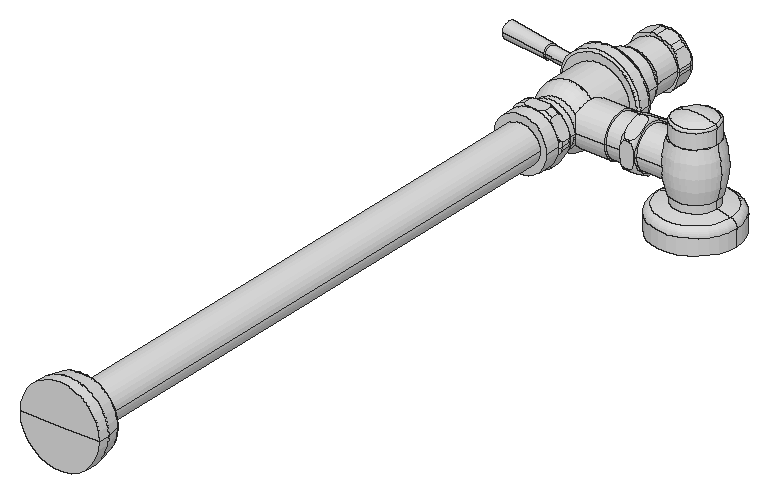
Revit family "Plumbing-Flushometer-Sloan-Valve-Dolphin-Type-I-Class-A_", category Plumbing Fixtures, host Face, Revit 2019
Family settings
  Host = Face
  Round Connector Dimension = Use Diameter
  Part Type = Normal
  OmniClass Number = 23.45.05.14.99
  OmniClass Title = Other Sanitary Washing Plumbing Fixtures
  Cut with Voids When Loaded = No
  Shared = No
  Room Calculation Point = No
Parameters (values of type "DOLPHIN TYPE I CLASS A")
  Water Inlet Connection Diameter = 1"  # constant formula
  Water Inlet Connection Description = "Water Inlet Connection"  # constant formula
  Waste Connection = no
  WFU = 0
  Vent Connection = no
  Valve Pressure Drop = 0.00 psi
  URL = "www.sloanvalve.com"
  Product data url = "https://bimobject.com/sloan_valve/product/flushometers_dolphin-type-i-class-a"
  Product Material = Sloan Valve - Finish - Polished Chrome
  Product Guid = ""
  Part Number = "3950146"
  Operating Water Pressure = "15 – 80 PSI (103 – 552 kPa)"  # constant formula
  Model = "DOLPHIN TYPE I CLASS A"
  Manufacturer = "Sloan Valve"  # constant formula
  Keynote = "15410"
  Height = 28 7/8"  # constant formula
  HWFU = 0
  HW Connection = no
  Flush Rate = "1.6 gpf (6.0 Lpf)"
  Edition number = 1
  Description = "Polished Chrome Finish, Fixture Connection Top Spud, Single Flush, Dolphin Exposed Manual Water Closet Flushometer."
  Default Elevation = 0"
  Centerline of Supply to Centerline of Valve = 4 3/4"  # constant formula
  Centerline of Supply from Top of Fixture = 24"  # constant formula
  CWFU = 0
  CW Connection = yes
  Assembly Code = "D2020300"
Types (3): name | Part Number | Model | Description
  DOLPHIN TYPE I CLASS A-1.6-A | "3057005" | "DOLPHIN TYPE I CLASS A-1.6-A" | "1.6 gpf, Polished Chrome Finish, Fixture Connection Top Spud, Single Flush, Right of Valve Inlet, Dolphin Exposed Manual Water Closet Flushometer."
  DOLPHIN TYPE I CLASS A - DO9AAG CP Body ASM H5 3 1/4" TL CID#022 | "3950145" | "DOLPHIN TYPE I CLASS A" | "Polished Chrome Finish, Fixture Connection Top Spud, Single Flush, Dolphin Exposed Manual Water Closet Flushometer."
  DOLPHIN TYPE I CLASS A | "3950146" | "DOLPHIN TYPE I CLASS A" | "Polished Chrome Finish, Fixture Connection Top Spud, Single Flush, Dolphin Exposed Manual Water Closet Flushometer."
Reference planes (in)
  plane 1 "Center (Front/Back)": y = 11.25
  plane 2: z = 0
  plane 3 "Center (Left/Right)": x = 0
  plane 4: y = -12.75
  plane 5: x = 4.75
Dimensions and locks (in)
  plane 4 to nested 1 = 28.82677"
  aligned and locked: plane 2 to host face
  aligned and locked: level to host face
Nested families (in)
  nested 1: "Geometry" at (0, -12.75, 0) x (1, 0, 0) z (0, 1, 0), type "Geometry"
Connectors (in)
  piping at (4.75, 11.25, 0), diameter 1, driven by "Water Inlet Connection Diameter", driven by "CWFU", driven by "Valve Pressure Drop", driven by "Water Inlet Connection Description"
    settings: on nested 1, index 3, connector inside diameter 24", connector length 0", flow factor 0, pipe flow 0 GPM, pressure drop 0.00 psi, fitting loss kfactor 0, connector angle 0.00°, fixture units 0, engagement length 0", angle of deflection 0.00°, flow configuration 3, flow direction 1, fitting loss method 4, system type 20, joint type 0, gender type 0, connector reference index -1, connector utility 0, adjustable connector no, is connector primary yes, connector description "Water Inlet Connection"
Definition of nested family "Geometry"
  Parameters (values of type "Geometry")
    URL = ""
    Product Material = none
    Model = ""
    Manufacturer = ""
    Keynote = ""
    Description = ""
    Default Elevation = 0"
    Assembly Code = ""
  Reference planes (in)
    plane 1 "Center (Front/Back)": y = 0
    plane 2: z = 0
    plane 3 "Center (Left/Right)": x = 0
    plane 4: x = 4.75
    plane 5: y = -2.25
    plane 6: z = 28.82677
    plane 7: z = 27.98819
    plane 8: x = -0.98425
    plane 9: z = 27.06299
    plane 10: z = 25.92913
    plane 11: z = 24
    plane 12: z = 23.37008
    plane 13: z = 23.14567
    plane 14: z = 22.76772
    plane 15: z = 26.38189
    plane 16: through (-5.0569, -180, 27.17508) normal (0.1564, 0, 0.9877)
    plane 17: through (-4.5093, -180, 27.08477) normal (-0.9867, 0, 0.1627)
    plane 18: z = 1.10236
    plane 19: x = 1.49606
    plane 20: z = 1.05236
    plane 21: x = 1.36024
    plane 22: z = 24
  Forms (in)
    Extrusion 1, solid
      sketch origin (0, 0, 0) x (1, 0, 0) y (0, 1, 0)
        loop
          line (-48, 48) -> (-48, -48) -> (48, -48) -> (48, 48) -> (-48, 48)
      from 0 to -12
    Extrusion 2, solid, material <- "Product Material", not visible
      sketch origin (0, 0, 12.5) x (1, 0, 0) y (0, 0, 1)
        loop
          circle (4.75, 11.5) r 1
      from 0.07956 to 0
    Revolve 3, solid, material <- "Product Material"
      sketch origin (0, 3, 24) x (1, 0, 0) y (0, 1, 0)
        loop
          arc (5.59646, -6.1752) -> (5.75502, -5.25) -> (5.59646, -4.3248) r 2.77845
          line (5.59646, -4.3248) -> (5.5374, -4.3248) -> (5.5374, -3.99194)
          arc (5.5374, -3.99194) -> (5.8144, -3.95568) -> (6.08617, -3.89103) r 2.70259
          arc (6.08617, -3.89103) -> (6.24431, -3.78128) -> (6.30512, -3.59864) r 0.3047
          line (6.30512, -3.59864) -> (6.30512, -3) -> (4.75, -3) -> (4.75, -6.97813)
          arc (4.75, -6.97813) -> (5.13409, -6.94086) -> (5.49815, -6.81288) r 1.60287
          arc (5.49815, -6.81288) -> (5.54115, -6.77387) -> (5.55709, -6.71804) r 0.10577
          line (5.55709, -6.71804) -> (5.55709, -6.1752) -> (5.59646, -6.1752)
        axis (4.75, -3) -> (4.75, -6.97813)
      angle from 0 to 360
    Revolve 4, solid, material <- "Product Material"
      sketch origin (0, -2.25, -15) x (1, 0, 0) y (0, 0, 1)
        loop
          line (1.49606, 15) -> (1.49606, 15.41339) -> (1.3704, 16.00454)
          arc (1.3704, 16.00454) -> (1.34962, 16.04163) -> (1.31148, 16.06042) r 0.07165
          arc (1.31148, 16.06042) -> (1.04671, 16.09164) -> (0.78031, 16.10206) r 3.40813
          line (0.78031, 16.10206) -> (0, 16.10206) -> (0, 15) -> (1.49606, 15)
        axis (0, 15) -> (0, 16.10206)
      angle from 0 to 360
    Revolve 5, solid, material <- "Product Material"
      sketch origin (0, -2.25, -2.5) x (1, 0, 0) y (0, 0, 1)
        loop
          line (0, 31.32677) -> (-0.62992, 31.32677) -> (-0.8835, 31.14927)
          arc (-0.8835, 31.14927) -> (-0.95755, 31.06484) -> (-0.98425, 30.95575) r 0.23622
          line (-0.98425, 30.95575) -> (-0.98425, 30.48819) -> (-0.8622, 30.48819) -> (-0.8622, 29.56299) -> (-0.98031, 29.36614) -> (-0.98031, 28.42913) -> (-1.44882, 28.42913)
          arc (-1.44882, 28.42913) -> (-1.5045, 28.40607) -> (-1.52756, 28.35039) r 0.07874
          line (-1.52756, 28.35039) -> (-1.52756, 27.93701) -> (-1.4252, 27.87795) -> (-1.14173, 27.87795) -> (-1.14173, 26.5)
          arc (-1.14173, 26.5) -> (-1.06982, 26.15622) -> (-0.86614, 25.87008) r 0.85771
          line (-0.86614, 25.87008) -> (-0.86614, 25.64567) -> (-0.82677, 25.26772) -> (0, 25.26772) -> (0, 31.32677)
        axis (0, 31.32677) -> (0, 25.26772)
      angle from 0 to 360
    Revolve 6, solid, material <- "Product Material"
      sketch origin (0, -2.25, -1.25) x (1, 0, 0) y (0, 0, 1)
        loop
          line (0, 26.05709) -> (0, 25.25) -> (4.10919, 25.25) -> (4.10919, 26.01772) -> (3.12494, 26.01772) -> (3.12494, 26.07677)
          arc (3.12494, 26.07677) -> (3.07881, 26.18813) -> (2.96746, 26.23425) r 0.15748
          line (2.96746, 26.23425) -> (2.75117, 26.23425)
          arc (2.75117, 26.23425) -> (2.63981, 26.18813) -> (2.59369, 26.07677) r 0.15748
          line (2.59369, 26.07677) -> (2.59369, 26.01772) -> (1.97042, 26.01772) -> (1.97042, 26.05709) -> (0, 26.05709)
        axis (0, 25.25) -> (4.10919, 25.25)
      angle from 0 to 360
    Extrusion 7, solid, material <- "Product Material"
      sketch origin (2.25, -2.25, 12.90132) x (0, -1, 0) y (0, 0, 1)
        loop
          circle (0, 13.37362) r 0.52756
      from 2.25 to 3.68307
    Revolve 8, solid, material <- "Product Material"
      sketch origin (2.25, -2.25, 12.5) x (1, 0, 0) y (0, 0, 1)
        loop
          line (-3.23589, 13.81106) -> (-3.23589, 14.0303) -> (-5.01019, 14.31132) -> (-5.00403, 14.3502) -> (-6.74592, 14.66595) -> (-6.79211, 14.37431) -> (-3.23589, 13.81106)
        axis (-3.23589, 13.81106) -> (-6.79211, 14.37431)
      angle from 0 to 360
    Extrusion 9, void
      sketch origin (0, 0, 0) x (1, 0, 0) y (0, 1, 0)
        loop
          line (0.72318, -1.52682) -> (0.80733, -1.44267)
          arc (0.80733, -1.44267) -> (0.43692, -1.19518) -> (0, -1.10827) r 1.14173
          line (0, -1.10827) -> (0, -1.22727) -> (0.72318, -1.52682)
        loop
          line (-0.72318, -2.97318) -> (-0.80733, -3.05733)
          arc (-0.80733, -3.05733) -> (-0.43692, -3.30482) -> (0, -3.39173) r 1.14173
          line (0, -3.39173) -> (0, -3.27273) -> (-0.72318, -2.97318)
      from 27.57575 to 29.12818
    Extrusion 10, void
      sketch origin (0, 0, 0) x (1, 0, 0) y (0, 1, 0)
        loop
          line (0, -1.22727) -> (0, -1.10827)
          arc (0, -1.10827) -> (-0.43692, -1.19518) -> (-0.80733, -1.44267) r 1.14173
          line (-0.80733, -1.44267) -> (-0.72318, -1.52682) -> (0, -1.22727)
        loop
          line (0, -3.27273) -> (0, -3.39173)
          arc (0, -3.39173) -> (0.43692, -3.30482) -> (0.80733, -3.05733) r 1.14173
          line (0.80733, -3.05733) -> (0.72318, -2.97318) -> (0, -3.27273)
      from 27.57575 to 29.12818
    Extrusion 11, void
      sketch origin (0, 0, 0) x (1, 0, 0) y (0, 1, 0)
        loop
          line (-0.72318, -1.52682) -> (-0.80733, -1.44267)
          arc (-0.80733, -1.44267) -> (-1.05482, -1.81308) -> (-1.14173, -2.25) r 1.14173
          line (-1.14173, -2.25) -> (-1.02273, -2.25) -> (-0.72318, -1.52682)
        loop
          line (0.72318, -2.97318) -> (0.80733, -3.05733)
          arc (0.80733, -3.05733) -> (1.05482, -2.68692) -> (1.14173, -2.25) r 1.14173
          line (1.14173, -2.25) -> (1.02273, -2.25) -> (0.72318, -2.97318)
      from 27.44419 to 29.12818
    Extrusion 12, void
      sketch origin (0, 0, 0) x (1, 0, 0) y (0, 1, 0)
        loop
          line (-1.02273, -2.25) -> (-1.14069, -2.29886)
          arc (-1.14069, -2.29886) -> (-1.05482, -2.68692) -> (-0.84113, -3.02204) r 1.14173
          line (-0.84113, -3.02204) -> (-0.72318, -2.97318) -> (-1.02273, -2.25)
        loop
          line (1.02273, -2.25) -> (1.14069, -2.20114)
          arc (1.14069, -2.20114) -> (1.05482, -1.81308) -> (0.84113, -1.47796) r 1.14173
          line (0.84113, -1.47796) -> (0.72318, -1.52682) -> (1.02273, -2.25)
      from 27.44419 to 29.12818
    Extrusion 13, void
      sketch origin (0, 0, 12.5) x (0, 1, 0) y (0, 0, 1)
        loop
          line (-2.75007, 12.36614) -> (-3.25013, 11.5) -> (-2.75007, 10.63386) -> (-1.74993, 10.63386) -> (-1.24987, 11.5) -> (-1.74993, 12.36614) -> (-2.75007, 12.36614)
        loop
          circle (-2.25, 11.5) r 1.14765
      from 2.39057 to 3.41203
    Revolve 14, solid, material <- "Product Material"
      sketch origin (60, -2.25, 77.50029) x (1, 0, 0) y (0, 0, 1)
        loop
          line (-60, -54.73228) -> (-60.94488, -54.73228)
          arc (-60.94488, -54.73228) -> (-61.0284, -54.76688) -> (-61.06299, -54.85039) r 0.11811
          line (-61.06299, -54.85039) -> (-61.06299, -55.16535)
          arc (-61.06299, -55.16535) -> (-61.0284, -55.24887) -> (-60.94488, -55.28346) r 0.11811
          line (-60.94488, -55.28346) -> (-60, -55.28346) -> (-60, -54.73228)
        axis (-60, -54.73228) -> (-60, -55.28346)
      angle from 0 to 360
    Extrusion 15, void
      sketch origin (0, 0, 0) x (1, 0, 0) y (0, 1, 0)
        loop
          line (0.56826, -3.23425) -> (1.13652, -2.25) -> (0.56826, -1.26575) -> (-0.56826, -1.26575) -> (-1.13652, -2.25) -> (-0.56826, -3.23425) -> (0.56826, -3.23425)
        loop
          circle (0, -2.25) r 1.27435
      from 22.00306 to 23.02421
    Extrusion 16, solid, material <- "Product Material"
      sketch origin (0, 0, 0) x (1, 0, 0) y (0, 1, 0)
        loop
          circle (0, -2.25) r 1
      from 21.70472 to 22.21654
    Extrusion 17, solid, material <- "Product Material"
      sketch origin (0, 0, 0) x (1, 0, 0) y (0, 1, 0)
        loop
          circle (0, -2.25) r 0.7189
      from 1.28583 to 21.70472
    Extrusion 18, solid, material <- "Product Material"
      sketch origin (0, 0, 0) x (1, 0, 0) y (0, 1, 0)
        loop
          circle (0, -2.25) r 1.06299
      from 1.07402 to 1.28583
    Extrusion 19, void
      sketch origin (0, 0, 0) x (1, 0, 0) y (0, 1, 0)
        loop
          line (0.56826, -3.23425) -> (1.13652, -2.25) -> (0.56826, -1.26575) -> (-0.56826, -1.26575) -> (-1.13652, -2.25) -> (-0.56826, -3.23425) -> (0.56826, -3.23425)
        loop
          circle (0, -2.25) r 1.24078
      from 0.8307 to 1.52631
  Cuts and joins
    Extrusion 9, Extrusion 10, Extrusion 11, Extrusion 12 cuts Revolve 5
    Extrusion 13 cuts Revolve 6
    joined: Revolve 3, Revolve 5, Revolve 6, Extrusion 7
    Extrusion 19 cuts Extrusion 18
    Extrusion 15 cuts Revolve 14
  Lines and regions (in)
    Masking region 1
      outline origin (0, 0, 0) x (1, 0, 0) y (0, 1, 0)
        loop
          line (2.59369, -1.48228) -> (1.97042, -1.48228) -> (1.97042, -1.44182) -> (1.40349, -1.44182)
          arc (1.40349, -1.44182) -> (-0.3139, -0.66116) -> (-1.60538, -2.03626) r 1.61955
          line (-1.60538, -2.03626) -> (-2.77204, -2.03626)
          spline (-2.77204, -2.03626) -> (-2.77369, -2.02969) -> (-2.77539, -2.02363) -> (-2.77713, -2.01811) -> (-2.77891, -2.01313) -> (-2.78072, -2.00871) -> (-2.78257, -2.00486) -> (-2.78444, -2.00159) -> (-2.78634, -1.9989) -> (-2.78825, -1.9968) -> (-2.79018, -1.9953) -> (-2.79212, -1.9944) -> (-2.79406, -1.99409)
          line (-2.79406, -1.99409) -> (-4.54211, -1.95473)
          spline (-4.54211, -1.95473) -> (-4.54814, -1.95725) -> (-4.55406, -1.96479) -> (-4.55978, -1.9772) -> (-4.5652, -1.99429) -> (-4.57023, -2.01574) -> (-4.57477, -2.04121) -> (-4.57875, -2.07025) -> (-4.58211, -2.10236) -> (-4.58478, -2.137) -> (-4.58672, -2.17358) -> (-4.5879, -2.21146) -> (-4.5883, -2.25)
          spline (-4.5883, -2.25) -> (-4.5879, -2.28854) -> (-4.58672, -2.32642) -> (-4.58478, -2.363) -> (-4.58211, -2.39764) -> (-4.57875, -2.42975) -> (-4.57477, -2.45879) -> (-4.57023, -2.48426) -> (-4.5652, -2.50571) -> (-4.55978, -2.5228) -> (-4.55406, -2.53521) -> (-4.54814, -2.54275) -> (-4.54211, -2.54527)
          line (-4.54211, -2.54527) -> (-2.79406, -2.50591)
          spline (-2.79406, -2.50591) -> (-2.79217, -2.50562) -> (-2.79029, -2.50477) -> (-2.78841, -2.50335) -> (-2.78655, -2.50137) -> (-2.78471, -2.49883) -> (-2.78288, -2.49573) -> (-2.78108, -2.49209) -> (-2.77931, -2.48791) -> (-2.77758, -2.48321) -> (-2.77587, -2.47798) -> (-2.77421, -2.47225) -> (-2.7726, -2.46602)
          line (-2.7726, -2.46602) -> (-1.60508, -2.46602)
          arc (-1.60508, -2.46602) -> (-0.31137, -3.83934) -> (1.40491, -3.05572) r 1.61955
          line (1.40491, -3.05572) -> (1.97042, -3.05572) -> (1.97042, -3.01772) -> (2.59369, -3.01772) -> (2.59369, -3.1756) -> (2.62298, -3.23425) -> (3.09564, -3.23425) -> (3.12494, -3.1756) -> (3.12494, -3.01772) -> (3.85315, -3.01772) -> (3.90354, -3.1752) -> (3.94291, -3.1752) -> (3.94291, -3.71843)
          arc (3.94291, -3.71843) -> (3.95978, -3.77536) -> (4.00492, -3.81392) r 0.10452
          arc (4.00492, -3.81392) -> (4.75, -3.97229) -> (5.49508, -3.81392) r 1.83184
          arc (5.49508, -3.81392) -> (5.54022, -3.77536) -> (5.55709, -3.71843) r 0.10452
          line (5.55709, -3.71843) -> (5.55709, -3.1752) -> (5.59646, -3.1752)
          arc (5.59646, -3.1752) -> (5.75613, -2.25) -> (5.59646, -1.3248) r 2.76023
          line (5.59646, -1.3248) -> (5.5374, -1.3248) -> (5.5374, -0.99194)
          arc (5.5374, -0.99194) -> (5.8206, -0.95767) -> (6.09703, -0.88721) r 2.21037
          arc (6.09703, -0.88721) -> (6.24761, -0.77781) -> (6.30512, -0.6008) r 0.30114
          line (6.30512, -0.6008) -> (6.30512, 0) -> (3.19488, 0) -> (3.19488, -0.6008)
          arc (3.19488, -0.6008) -> (3.25239, -0.77781) -> (3.40297, -0.88721) r 0.30114
          arc (3.40297, -0.88721) -> (3.6794, -0.95767) -> (3.9626, -0.99194) r 2.21037
          line (3.9626, -0.99194) -> (3.9626, -1.3248) -> (3.90354, -1.3248) -> (3.85315, -1.48228) -> (3.12494, -1.48228) -> (3.12494, -1.3244) -> (3.09564, -1.26575) -> (2.62298, -1.26575) -> (2.59369, -1.3244) -> (2.59369, -1.48228)
    symbolic lines, detail levels medium+fine
      curve 1: line (2.59369, -1.48228, 0) -> (2.59369, -3.01772, 0)
      curve 2: line (3.12494, -3.01772, 0) -> (3.12494, -1.48228, 0)
      curve 4: line (3.90354, -1.3248, 0) -> (5.59646, -1.3248, 0)
      curve 5: line (3.9626, -0.99194, 0) -> (5.5374, -0.99194, 0)
      curve 6: line (3.94291, -3.1752, 0) -> (5.55709, -3.1752, 0)
      curve 9: arc (1.40349, -1.44182, 0) -> (1.61955, -2.25, 0) -> (1.40349, -3.05818, 0) r 1.61955
      curve 16: line (1.97042, -1.48228, 0) -> (1.97042, -3.01772, 0)
    symbolic lines, detail levels fine
      curve 3: arc (3.85315, -1.48228, 0) -> (4.1014, -2.25, 0) -> (3.85315, -3.01772, 0) r 1.3112
      curve 7: arc (-4.54211, -2.54527, 0) -> (-4.49592, -2.25, 0) -> (-4.54211, -1.95473, 0) r 0.96686
      curve 8: arc (-2.77204, -2.03626, 0) -> (-2.75403, -2.25114, 0) -> (-2.77204, -2.46602, 0) r 1.29031
      curve 10: circle (0, -2.25, 0) r 0.98425 normal (0, 0, 1)
      curve 11: line (-1.43307, -1.72244, 0) -> (-0.83092, -1.72244, 0)
      curve 12: line (-1.43307, -1.72244, 0) -> (-1.43307, -2.77756, 0)
      curve 13: line (-1.43307, -2.77756, 0) -> (-0.83092, -2.77756, 0)
      curve 14: line (-1.60508, -2.46602, 0) -> (-1.43307, -2.46602, 0)
      curve 15: line (-1.60538, -2.03626, 0) -> (-1.43307, -2.03626, 0)
  Dimensions and locks (in)
    Extrusion 2 sketch curve to plane 2 = 24"
    Extrusion 2 sketch curve to plane 3 "Center (Left/Right)" = 4 3/4"
    plane 3 "Center (Left/Right)" to plane 4 = 4 3/4"
    plane 9 to plane 10 = 1.13386"
    Extrusion 7 to Revolve 5 sketch curve = 1.52756"
    plane 6 to plane 14 = 6.05906"
    plane 16 to Revolve 8 sketch curve = 0.21654"
    plane 17 to Revolve 8 sketch curve = 3.14961"
    plane 18 to Extrusion 1 = 1.10236"
    plane 19 to plane 3 "Center (Left/Right)" = 1.49606"
    plane 18 to plane 20 = 0.05"
    plane 19 to plane 21 = 0.13583"
    Revolve 14 sketch curve to Revolve 14 sketch curve = 0.55118"
    Revolve 14 sketch curve to plane 3 "Center (Left/Right)" = 1.06299"
    plane 22 to Extrusion 1 = 24"
    aligned and locked: plane 2 to Extrusion 1
    aligned and locked: level to Extrusion 1
    aligned and locked: Extrusion 2 to plane 1 "Center (Front/Back)"
  Automatic sketch dimensions
    Extrusion 1 sketch curve to Extrusion 1 sketch curve = 96"  (x2)
    plane 5 to Revolve 3 sketch curve = 0"
    Revolve 3 sketch curve to plane 4 = 0"  (x2)
    plane 1 "Center (Front/Back)" to Revolve 3 sketch curve = 0"
    plane 4 to Revolve 3 sketch curve = 1 99/128"
    Revolve 3 sketch curve to plane 4 = 0.03838"
    Revolve 3 sketch curve to plane 4 = 0.5756"
    Revolve 3 sketch curve to plane 4 = 0.70131"
    Revolve 3 sketch curve to plane 4 = 0.7874"
    Revolve 3 sketch curve to Revolve 3 sketch curve = 0.10577"
    Revolve 3 sketch curve to Revolve 3 sketch curve = 0.05906"
    Revolve 3 sketch curve to Revolve 3 sketch curve = 0.03937"
    Revolve 3 sketch curve to Revolve 3 sketch curve = 0.46302"
    Revolve 3 sketch curve to Revolve 3 sketch curve = 39/128"
    plane 5 to Revolve 3 sketch curve = 0.12572"
    plane 5 to Revolve 3 sketch curve = 0.9252"
    Revolve 3 sketch curve to Revolve 3 sketch curve = 0.54284"
    Revolve 3 sketch curve to Revolve 3 sketch curve = 0.26009"
    Revolve 3 sketch curve to Revolve 3 sketch curve = 0.33286"
    Revolve 3 sketch curve to Revolve 3 sketch curve = 0.59864"
    Revolve 3 sketch curve to plane 1 "Center (Front/Back)" = 1.70234"
    Revolve 3 sketch curve to Revolve 3 sketch curve = 0.09"
    Revolve 3 sketch curve to Revolve 3 sketch curve = 0.12423"
    Extrusion 7 sketch curve to plane 5 = 0"
    Revolve 5 sketch curve to plane 10 = 0"
    Revolve 5 sketch curve to plane 8 = 0"
    Revolve 5 sketch curve to plane 13 = 0"
    Revolve 5 sketch curve to plane 12 = 0"
    Revolve 5 sketch curve to plane 9 = 0"
    Revolve 5 sketch curve to plane 7 = 0"
    Revolve 5 sketch curve to plane 14 = 0"
    Revolve 5 sketch curve to plane 6 = 0"
    Revolve 5 sketch curve to plane 3 "Center (Left/Right)" = 0"  (x2)
    Revolve 5 sketch curve to plane 10 = 0.07874"
    Revolve 5 sketch curve to Revolve 5 sketch curve = 0.10236"
    Revolve 5 sketch curve to plane 8 = 0.15748"
    plane 8 to Revolve 5 sketch curve = 0.00394"
    plane 8 to Revolve 5 sketch curve = 0.10076"
    plane 8 to Revolve 5 sketch curve = 0.11811"
    plane 8 to Revolve 5 sketch curve = 0.12205"
    plane 8 to Revolve 5 sketch curve = 0.15748"
    Revolve 5 sketch curve to Revolve 5 sketch curve = 0.23622"
    Revolve 5 sketch curve to Revolve 5 sketch curve = 0.25357"
    Revolve 5 sketch curve to plane 10 = 0.55118"
    Revolve 5 sketch curve to Revolve 5 sketch curve = 0.05906"
    Revolve 5 sketch curve to plane 9 = 0.19685"
    Revolve 5 sketch curve to level = 11 1/2"
    Revolve 5 sketch curve to Revolve 5 sketch curve = 85.14205"
    plane 17 to Revolve 8 sketch curve = 0"
    Revolve 8 sketch curve to plane 16 = 0"  (x2)
    Revolve 8 sketch curve to plane 15 = 0"
    plane 15 to Revolve 8 sketch curve = 0.42943"
    Revolve 8 sketch curve to plane 15 = 0.07083"
    Revolve 8 sketch curve to Revolve 8 sketch curve = 0.00616"
    plane 15 to Revolve 8 sketch curve = 0.46176"
    Revolve 8 sketch curve to Revolve 8 sketch curve = 0.19357"
    plane 15 to Revolve 8 sketch curve = 0.78406"
    Extrusion 9 sketch curve to plane 3 "Center (Left/Right)" = 0.72318"
    plane 3 "Center (Left/Right)" to Extrusion 9 sketch curve = 0.72318"
    plane 5 to Extrusion 9 sketch curve = 0.72318"
    Extrusion 9 sketch curve to plane 5 = 0.72318"
    Extrusion 9 sketch curve to Extrusion 9 sketch curve = 0.08415"  (x4)
    Extrusion 9 sketch curve to Extrusion 9 sketch curve = 0.119"  (x2)
    Extrusion 9 sketch curve to Extrusion 9 sketch curve = 0"  (x2)
    Extrusion 9 sketch curve to plane 3 "Center (Left/Right)" = 0"
    plane 5 to Extrusion 9 sketch curve = 0"
    Extrusion 10 sketch curve to plane 3 "Center (Left/Right)" = 0"  (x2)
    plane 5 to Extrusion 10 sketch curve = 0"
    Extrusion 10 sketch curve to plane 3 "Center (Left/Right)" = 0.72318"
    Extrusion 10 sketch curve to Extrusion 10 sketch curve = 0.29955"
    Extrusion 10 sketch curve to Extrusion 10 sketch curve = 0.08415"  (x4)
    Extrusion 10 sketch curve to Extrusion 10 sketch curve = 0"  (x2)
    plane 3 "Center (Left/Right)" to Extrusion 10 sketch curve = 0.72318"
    plane 5 to Extrusion 10 sketch curve = 0.72318"
    Extrusion 10 sketch curve to Extrusion 10 sketch curve = 0.119"
    Extrusion 10 sketch curve to plane 5 = 0.72318"
    Extrusion 11 sketch curve to plane 3 "Center (Left/Right)" = 0"
    plane 5 to Extrusion 11 sketch curve = 0"
    Extrusion 11 sketch curve to plane 3 "Center (Left/Right)" = 0.72318"
    Extrusion 11 sketch curve to plane 5 = 0.72318"
    Extrusion 11 sketch curve to Extrusion 11 sketch curve = 0.119"  (x2)
    Extrusion 11 sketch curve to Extrusion 11 sketch curve = 0"  (x2)
    plane 3 "Center (Left/Right)" to Extrusion 11 sketch curve = 0.72318"
    Extrusion 11 sketch curve to Extrusion 11 sketch curve = 0.29955"  (x2)
    Extrusion 11 sketch curve to Extrusion 11 sketch curve = 0.08415"  (x3)
    Extrusion 12 sketch curve to Extrusion 12 sketch curve = 0"  (x2)
    plane 5 to Extrusion 12 sketch curve = 0"  (x3)
    Extrusion 12 sketch curve to plane 3 "Center (Left/Right)" = 0"
    Extrusion 12 sketch curve to Extrusion 12 sketch curve = 0.11795"  (x2)
    Extrusion 12 sketch curve to Extrusion 12 sketch curve = 0.29955"  (x2)
    plane 3 "Center (Left/Right)" to Extrusion 12 sketch curve = 0.72318"
    Extrusion 12 sketch curve to plane 5 = 0.04886"
    plane 5 to Extrusion 12 sketch curve = 0.72318"
    plane 5 to Extrusion 12 sketch curve = 0.04886"
    Revolve 6 sketch curve to plane 3 "Center (Left/Right)" = 0"
    plane 3 "Center (Left/Right)" to Revolve 6 sketch curve = 1.97042"
    Revolve 6 sketch curve to Revolve 6 sketch curve = 0.62326"
    Revolve 6 sketch curve to Revolve 6 sketch curve = 0.15748"  (x2)
    Revolve 6 sketch curve to Revolve 6 sketch curve = 0.21629"
    plane 4 to Revolve 6 sketch curve = 0.64081"
    Revolve 6 sketch curve to Revolve 6 sketch curve = 0"
    Revolve 6 sketch curve to Revolve 6 sketch curve = 0.03937"
    Revolve 6 sketch curve to Revolve 6 sketch curve = 0.05906"
    plane 3 "Center (Left/Right)" to Revolve 6 sketch curve = 3/4"
    Revolve 6 sketch curve to Revolve 6 sketch curve = 1/2"
    Extrusion 13 sketch curve to plane 5 = 0"
    plane 5 to Extrusion 13 sketch curve = 0.50007"  (x2)
    Extrusion 13 sketch curve to Extrusion 13 sketch curve = 1.00013"
    Extrusion 13 sketch curve to plane 5 = 0.50007"  (x2)
    Extrusion 13 sketch curve to plane 5 = 1.00013"
    Revolve 4 sketch curve to level = 0"
    Revolve 4 sketch curve to plane 3 "Center (Left/Right)" = 0"  (x2)
    Revolve 4 sketch curve to plane 19 = 0"
    Revolve 4 sketch curve to plane 21 = 0.57992"
    Revolve 4 sketch curve to plane 21 = 0.05992"
    plane 21 to Revolve 4 sketch curve = 0.01017"
    Revolve 4 sketch curve to level = 2.30606"
    level to Revolve 4 sketch curve = 0.41339"
    Revolve 4 sketch curve to plane 20 = 0.06272"
    Revolve 4 sketch curve to plane 20 = 0.04782"
    Revolve 4 sketch curve to plane 18 = 0.0003"
    Revolve 4 sketch curve to Revolve 4 sketch curve = 0"
    plane 18 to Revolve 4 sketch curve = 0.33406"
    Revolve 14 sketch curve to plane 3 "Center (Left/Right)" = 0"  (x2)
    Revolve 14 sketch curve to Revolve 14 sketch curve = 0.11811"  (x2)
    Revolve 14 sketch curve to Revolve 14 sketch curve = 0.13501"
    Revolve 14 sketch curve to Revolve 14 sketch curve = 0.19685"
    plane 5 to Extrusion 15 sketch curve = 0"  (x3)
    Extrusion 15 sketch curve to plane 3 "Center (Left/Right)" = 0"
    Extrusion 15 sketch curve to plane 3 "Center (Left/Right)" = 0.56826"  (x2)
    Extrusion 15 sketch curve to Extrusion 15 sketch curve = 1.13652"
    plane 3 "Center (Left/Right)" to Extrusion 15 sketch curve = 0.56826"  (x2)
    Extrusion 15 sketch curve to Extrusion 15 sketch curve = 0.56826"
    plane 5 to Extrusion 15 sketch curve = 0.98425"
    Extrusion 15 sketch curve to plane 5 = 0.98425"
    Extrusion 16 sketch curve to plane 3 "Center (Left/Right)" = 0"
    plane 5 to Extrusion 16 sketch curve = 0"
    Extrusion 17 sketch curve to plane 3 "Center (Left/Right)" = 0"
    plane 5 to Extrusion 17 sketch curve = 0"
    Extrusion 18 sketch curve to plane 3 "Center (Left/Right)" = 0"
    plane 5 to Extrusion 18 sketch curve = 0"
    plane 5 to Extrusion 19 sketch curve = 0"  (x3)
    Extrusion 19 sketch curve to plane 3 "Center (Left/Right)" = 0"
    Extrusion 19 sketch curve to plane 3 "Center (Left/Right)" = 0.56826"  (x2)
    Extrusion 19 sketch curve to Extrusion 19 sketch curve = 1.13652"
    plane 3 "Center (Left/Right)" to Extrusion 19 sketch curve = 0.56826"  (x2)
    Extrusion 19 sketch curve to Extrusion 19 sketch curve = 0.56826"
    plane 5 to Extrusion 19 sketch curve = 0.98425"
    Extrusion 19 sketch curve to plane 5 = 0.98425"
    Masking region 1 sketch curve to Masking region 1 sketch curve = 0"  (x6)
    plane 5 to Masking region 1 sketch curve = 0"  (x5)
    Masking region 1 sketch curve to plane 3 "Center (Left/Right)" = 0"
    plane 1 "Center (Front/Back)" to Masking region 1 sketch curve = 0"
    Masking region 1 sketch curve to plane 4 = 0"
    plane 5 to Masking region 1 sketch curve = 0.21602"
    Masking region 1 sketch curve to plane 5 = 0.21374"
    Masking region 1 sketch curve to Masking region 1 sketch curve = 0.00031"
    Masking region 1 sketch curve to Masking region 1 sketch curve = 1.16666"
    Masking region 1 sketch curve to Masking region 1 sketch curve = 0.00055"
    plane 5 to Masking region 1 sketch curve = 0.25591"
    Masking region 1 sketch curve to Masking region 1 sketch curve = 0.02146"
    Masking region 1 sketch curve to plane 5 = 0.25591"
    Masking region 1 sketch curve to Masking region 1 sketch curve = 0.02201"
    Masking region 1 sketch curve to plane 5 = 0.29527"
    Masking region 1 sketch curve to Masking region 1 sketch curve = 1.74805"
    plane 5 to Masking region 1 sketch curve = 0.29527"
    Masking region 1 sketch curve to plane 5 = 0.80818"
    Masking region 1 sketch curve to Masking region 1 sketch curve = 0.56693"
    Masking region 1 sketch curve to Masking region 1 sketch curve = 0.62326"  (x2)
    Masking region 1 sketch curve to plane 5 = 0.98425"
    Masking region 1 sketch curve to Masking region 1 sketch curve = 0.02929"  (x4)
    Masking region 1 sketch curve to Masking region 1 sketch curve = 0.40222"
    Masking region 1 sketch curve to Masking region 1 sketch curve = 121/256"  (x2)
    Masking region 1 sketch curve to Masking region 1 sketch curve = 0.09924"
    Masking region 1 sketch curve to Masking region 1 sketch curve = 0.30114"  (x2)
    Masking region 1 sketch curve to Masking region 1 sketch curve = 0.72821"  (x2)
    Masking region 1 sketch curve to Masking region 1 sketch curve = 0.0504"  (x2)
    Masking region 1 sketch curve to Masking region 1 sketch curve = 0.03937"  (x2)
    Masking region 1 sketch curve to Masking region 1 sketch curve = 0.05906"  (x2)
    Masking region 1 sketch curve to Masking region 1 sketch curve = 0.10452"  (x2)
    plane 4 to Masking region 1 sketch curve = 0.66399"
    Masking region 1 sketch curve to plane 4 = 0.66399"
    Masking region 1 sketch curve to plane 4 = 0.70256"
    Masking region 1 sketch curve to plane 4 = 0.7874"
    Masking region 1 sketch curve to Masking region 1 sketch curve = 0.46658"
    plane 5 to Masking region 1 sketch curve = 0.76772"
    Masking region 1 sketch curve to Masking region 1 sketch curve = 0.038"
    Masking region 1 sketch curve to Masking region 1 sketch curve = 0.15748"  (x2)
    plane 5 to Masking region 1 sketch curve = 0.9252"
    Masking region 1 sketch curve to Masking region 1 sketch curve = 0.15788"  (x2)
    Masking region 1 sketch curve to Masking region 1 sketch curve = 0.05865"  (x3)
    Masking region 1 sketch curve to Masking region 1 sketch curve = 0.54323"  (x2)
    Masking region 1 sketch curve to plane 5 = 0.10955"
    Masking region 1 sketch curve to Masking region 1 sketch curve = 0.21654"  (x2)
    Masking region 1 sketch curve to Masking region 1 sketch curve = 0.33286"  (x2)
    plane 1 "Center (Front/Back)" to Masking region 1 sketch curve = 0.6008"
    Masking region 1 sketch curve to Masking region 1 sketch curve = 0.6008"
    Masking region 1 sketch curve to plane 1 "Center (Front/Back)" = 1.21498"  (x2)
    Masking region 1 sketch curve to Masking region 1 sketch curve = 0.04619"
    Masking region 1 sketch curve to Masking region 1 sketch curve = 0.56552"
    curve 9 to curve 10 = 0"  (x2)
    plane 5 to curve 7 = 0"
    curve 9 to plane 3 "Center (Left/Right)" = 0"
    plane 5 to curve 3 = 0"
    plane 5 to curve 10 = 0"
    plane 5 to curve 13 = 0.52756"
    curve 13 to plane 3 "Center (Left/Right)" = 1.43307"
    plane 5 to curve 8 = 0.00114"
    curve 8 to curve 14 = 2.61126"
    curve 7 to curve 8 = 1.41844"
    plane 4 to curve 3 = 1.9598"
    curve 12 to plane 5 = 0.52756"
    curve 12 to curve 13 = 0.60215"
    curve 14 to curve 14 = 0.17201"
    curve 15 to curve 15 = 0.17231"
    plane 5 to curve 8 = 0.21602"
    curve 8 to curve 14 = 1.16697"
    curve 8 to plane 5 = 0.21374"
    curve 7 to curve 8 = 0.49777"  (x2)
    plane 5 to curve 7 = 0.29527"
    plane 3 "Center (Left/Right)" to curve 9 = 1.40349"  (x2)
    plane 5 to curve 9 = 0.80818"
    curve 9 to curve 16 = 0.56693"
    curve 16 to curve 1 = 0.62326"
    curve 1 to curve 2 = 17/32"
    curve 2 to curve 3 = 0.72821"  (x2)
    curve 3 to curve 4 = 0.0504"
    curve 3 to curve 6 = 0.08977"
    curve 4 to curve 5 = 0.05906"
    curve 5 to plane 4 = 0.7874"
    curve 6 to plane 4 = 0.80709"
    curve 5 to curve 4 = 0.05906"
    plane 5 to curve 3 = 0.76772"
    curve 2 to curve 3 = 0"
    curve 9 to curve 16 = 0.04047"
    curve 1 to curve 2 = 0"  (x2)
    curve 6 to curve 3 = 0.15748"
    plane 5 to curve 14 = 0.21602"
    curve 15 to plane 5 = 0.21374"
    curve 1 to plane 5 = 0.76772"
    curve 16 to curve 9 = 0.04047"
    curve 4 to plane 5 = 0.9252"
    curve 4 to curve 5 = 0.33286"
    Revolve 5 sketch curve to plane 11 = 0"
    Revolve 6 sketch curve to plane 22 = 0"  (x2)
    Revolve 6 sketch curve to Revolve 6 sketch curve = 0.76772"
    plane 22 to Extrusion 7 sketch curve = 2.27494"
    Extrusion 13 sketch curve to plane 22 = 0"  (x3)
    Extrusion 13 sketch curve to plane 22 = 0.86614"
    plane 22 to Extrusion 13 sketch curve = 0.86614"
    Revolve 14 sketch curve to plane 22 = 1.78318"
    radius of Extrusion 2 sketch curve = 1"
    radius of Extrusion 7 sketch curve = 0.52756"
    radius of Extrusion 13 sketch curve = 1.14765"
    radius of Extrusion 15 sketch curve = 1.27435"
    radius of Extrusion 16 sketch curve = 1"
    radius of Extrusion 17 sketch curve = 0.7189"
    radius of Extrusion 18 sketch curve = 1.06299"
    radius of Extrusion 19 sketch curve = 1.24078"
